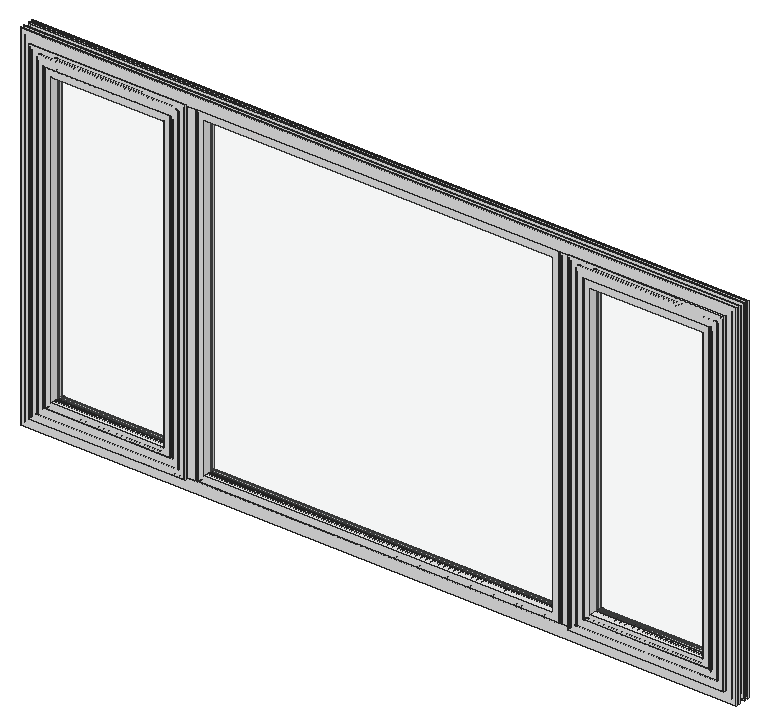
Revit family "Serene_T&T_Window_C_Standard", category Windows, host Wall, Revit 2014 (continued)
Definition of nested family "Serene_Fixed_Panel_C_Std"
  Definition of nested family "Serene_Bead_Square_12mm"
    Forms (mm)
      Sweep 1, solid, material <- "Profile Material"
        profile origin (300, 0, 0) x (0, 0, 1) y (0, -1, 0)
          loop
            arc (-3.659, -16.2) -> (-4.142, -16.571) -> (-3.909, -17.133) r 0.5
            line (-3.909, -17.133) -> (-1.876, -18.307) -> (-1.876, -17.4) -> (20.8, -17.4) -> (20.8, -23.4) -> (14.6, -23.4) -> (14.6, -27.5) -> (17, -27.5) -> (17, -26.3) -> (15.8, -26.3) -> (15.8, -24.6) -> (20.8, -24.6) -> (20.8, -26.3)
    Lines and regions (mm)
      model lines, style "GenericModel"
        curve 1: line (22, 0, 878) -> (0, 0, 900)
        curve 2: line (578, 0, 878) -> (600, 0, 900)
        curve 3: line (578, 0, 22) -> (600, 0, 0)
        curve 4: line (22, 0, 22) -> (0, 0, 0)
    Dimensions and locks
      "Width Bead": Sweep 1 sketch curve to Sweep 1 sketch curve
      "Height Bead": Sweep 1 sketch curve to Sweep 1 sketch curve
      aligned and locked: level to plane 2
    Automatic sketch dimensions
      profile plane to Sweep 1 sketch curve = 3.909 mm
      Sweep 1 sketch curve to Sweep 1 sketch curve = 0 mm  (x4)
      Sweep 1 sketch curve to Sweep 1 sketch curve = 0.25 mm  (x2)
      Sweep 1 sketch curve to Sweep 1 sketch curve = 1.783 mm  (x2)
      Sweep 1 sketch curve to Sweep 1 sketch curve = 1.876 mm
      Sweep 1 sketch curve to Sweep 1 sketch curve = 3.076 mm
      Sweep 1 sketch curve to Sweep 1 sketch curve = 0.2 mm  (x2)
      Sweep 1 sketch curve to Sweep 1 sketch curve = 1.2 mm  (x9)
      Sweep 1 sketch curve to Sweep 1 sketch curve = 16.476 mm
      Sweep 1 sketch curve to Sweep 1 sketch curve = 2.6 mm
      Sweep 1 sketch curve to plane 1 "Center (Front/Back)" = 27.5 mm
      Sweep 1 sketch curve to Sweep 1 sketch curve = 1.7 mm
      Sweep 1 sketch curve to Sweep 1 sketch curve = 5.093 mm
      Sweep 1 sketch curve to Sweep 1 sketch curve = 6 mm
      Sweep 1 sketch curve to Sweep 1 sketch curve = 0.267 mm
      Sweep 1 sketch curve to Sweep 1 sketch curve = 0.433 mm
      Sweep 1 sketch curve to Sweep 1 sketch curve = 10.8 mm
      Sweep 1 sketch curve to Sweep 1 sketch curve = 0.5 mm
      Sweep 1 sketch curve to Sweep 1 sketch curve = 0.907 mm
      Sweep 1 sketch curve to Sweep 1 sketch curve = 2.093 mm
      Sweep 1 sketch curve to Sweep 1 sketch curve = 15 mm
      curve 1 to Sweep 1 = 0 mm  (x4)
      curve 4 to Sweep 1 = 0 mm  (x3)
      Sweep 1 to curve 4 = 0 mm
      curve 3 to Sweep 1 = 0 mm  (x3)
      curve 2 to Sweep 1 = 0 mm  (x4)
      Sweep 1 to curve 3 = 0 mm
      Sweep 1 sketch curve to plane 3 "Center (Left/Right)" = 0 mm
      Sweep 1 sketch curve to level = 0 mm
  Definition of nested family "Serene_Bead_D_Glazing_Square"
    Parameters (values of type "Serene_Bead_D_Glazing_Square")
      Width Bead [instance] = 900 mm
      Profile Material [instance] = none
      Height Bead [instance] = 1320 mm
    Reference planes
      plane 1 "Center (Front/Back)": y = 0
      plane 2: z = 0
      plane 3 "Center (Left/Right)": x = 0
    Forms (mm)
      Sweep 1, solid, material <- "Profile Material"
        path origin (0, 0, 0) x (1, 0, 0) y (0, 0, 1)
          loop
            line (0, 0) -> (900, 0) -> (900, 1320) -> (0, 1320) -> (0, 0)
        profile origin (450, 0, 0) x (0, 0, 1) y (0, -1, 0)
          loop
            line (22, -16.5) -> (22, 0) -> (0, 0) -> (0, -1.2) -> (1.2, -1.2) -> (1.2, -4.2) -> (-1.876, -4.2) -> (-1.876, -3.293) -> (-3.909, -4.467)
            arc (-3.909, -4.467) -> (-4.142, -5.029) -> (-3.659, -5.4) r 0.5
            line (-3.659, -5.4) -> (1.4, -5.4)
            arc (1.4, -5.4) -> (2.107, -5.107) -> (2.4, -4.4) r 1
            line (2.4, -4.4) -> (2.4, -1.2) -> (20.8, -1.2) -> (20.8, -12.4) -> (14.6, -12.4) -> (0, -16.7) -> (-3.659, -16.7)
            arc (-3.659, -16.7) -> (-4.142, -17.071) -> (-3.909, -17.633) r 0.5
            line (-3.909, -17.633) -> (-1.876, -18.807) -> (-1.876, -17.9) -> (0.173, -17.9) -> (14.6, -13.651) -> (14.6, -16.5) -> (17, -16.5) -> (17, -15.3) -> (15.8, -15.3) -> (15.8, -13.6) -> (20.8, -13.6) -> (20.8, -15.3) -> (19.6, -15.3) -> (19.6, -16.5) -> (22, -16.5)
    Lines and regions (mm)
      model lines, style "GenericModel"
        curve 1: line (22, 0, 1298) -> (0, 0, 1298)
        curve 2: line (878, 0, 1298) -> (900, 0, 1298)
        curve 3: line (878, 0, 22) -> (900, 0, 22)
        curve 4: line (22, 0, 22) -> (0, 0, 22)
    Dimensions and locks
      "Width Bead": Sweep 1 sketch curve to Sweep 1 sketch curve
      "Height Bead": Sweep 1 sketch curve to Sweep 1 sketch curve
      aligned and locked: level to plane 2
    Automatic sketch dimensions
      profile plane to Sweep 1 sketch curve = 3.909 mm  (x2)
      Sweep 1 sketch curve to Sweep 1 sketch curve = 0.25 mm  (x2)
      Sweep 1 sketch curve to Sweep 1 sketch curve = 2.033 mm
      Sweep 1 sketch curve to Sweep 1 sketch curve = 1.783 mm
      Sweep 1 sketch curve to Sweep 1 sketch curve = 1.876 mm  (x2)
      Sweep 1 sketch curve to Sweep 1 sketch curve = 0.173 mm
      Sweep 1 sketch curve to Sweep 1 sketch curve = 1.2 mm  (x9)
      Sweep 1 sketch curve to Sweep 1 sketch curve = 0.2 mm
      Sweep 1 sketch curve to Sweep 1 sketch curve = 12.2 mm
      Sweep 1 sketch curve to Sweep 1 sketch curve = 0 mm  (x4)
      Sweep 1 sketch curve to Sweep 1 sketch curve = 2.6 mm
      Sweep 1 sketch curve to plane 1 "Center (Front/Back)" = 18.807 mm
      Sweep 1 sketch curve to Sweep 1 sketch curve = 0.907 mm  (x2)
      Sweep 1 sketch curve to Sweep 1 sketch curve = 0.267 mm
      Sweep 1 sketch curve to Sweep 1 sketch curve = 0.433 mm
      Sweep 1 sketch curve to plane 1 "Center (Front/Back)" = 16.5 mm
      Sweep 1 sketch curve to Sweep 1 sketch curve = 1.649 mm
      Sweep 1 sketch curve to Sweep 1 sketch curve = 1.7 mm
      Sweep 1 sketch curve to Sweep 1 sketch curve = 1.251 mm
      Sweep 1 sketch curve to Sweep 1 sketch curve = 11.3 mm
      Sweep 1 sketch curve to Sweep 1 sketch curve = 0.5 mm
      Sweep 1 sketch curve to Sweep 1 sketch curve = 0.7 mm
      Sweep 1 sketch curve to Sweep 1 sketch curve = 3 mm
      curve 1 to Sweep 1 = 0 mm  (x3)
      curve 4 to Sweep 1 = 0 mm  (x2)
      Sweep 1 to curve 4 = 0 mm
      curve 3 to Sweep 1 = 0 mm  (x2)
      curve 2 to Sweep 1 = 0 mm  (x2)
      Sweep 1 to curve 3 = 0 mm
      Sweep 1 to curve 2 = 0 mm
      Sweep 1 sketch curve to plane 3 "Center (Left/Right)" = 0 mm
      Sweep 1 sketch curve to level = 0 mm
  Definition of nested family "Serene_Single_Glazing_Fixed_C_Std"
    Parameters (values of type "Single_Glazing_Fixed")
      Glazing Width [instance] = 900 mm
      Glazing Height [instance] = 1500 mm
      Glazing Thickness SG [instance] = 4 mm
      Glazing Material [instance] = Glass
    Reference planes
      plane 1 "Center (Front/Back)": y = 0
      plane 2: z = 0
      plane 3 "Center (Left/Right)": x = 0
    Forms (mm)
      Extrusion 1, solid, material "Glass" <- "Glazing Material"
        sketch origin (0, 0, 0) x (1, 0, 0) y (0, 0, 1)
          loop
            line (0, 0) -> (0, 1500) -> (-900, 1500) -> (-900, 0) -> (0, 0)
        from 0 to 4 <- "Glazing Thickness SG"
    Dimensions and locks
      "Glazing Width": plane 3 "Center (Left/Right)" to Extrusion 1 sketch curve
      "Glazing Height": Extrusion 1 sketch curve to level
      aligned and locked: level to plane 2
      aligned and locked: Extrusion 1 sketch curve to plane 3 "Center (Left/Right)"
      aligned and locked: level to Extrusion 1 sketch curve
  Definition of nested family "Serene_Double_Glazing_Fixed_C_Std"
    Parameters (values of type "Double_Glazing_Fixed")
      Glazing Width [instance] = 600 mm
      Glazing Height [instance] = 600 mm
      Glazing Thickness DG [instance] = 4 mm
      Glazing Material [instance] = Glass
      Double Glazing Gasket Thickness [instance] = 12 mm
      Double Glazing Gasket Material [instance] = none
    Reference planes
      plane 1 "Center (Front/Back)": y = 0
      plane 2: z = 0
      plane 3 "Center (Left/Right)": x = 0
    Forms (mm)
      Extrusion 1, solid, material "Glass" <- "Glazing Material"
        sketch origin (0, 0, 0) x (1, 0, 0) y (0, 0, 1)
          loop
            line (0, 0) -> (0, 600) -> (-600, 600) -> (-600, 0) -> (0, 0)
        from 0 to 4 <- "Glazing Thickness DG"
      Extrusion 2, solid, material <- "Double Glazing Gasket Material"
        sketch origin (0, -4, 0) x (1, 0, 0) y (0, 0, 1)
          loop
            line (-600, 600) -> (-600, 0) -> (0, 0) -> (0, 600) -> (-600, 600)
          loop
            line (-592, 8) -> (-8, 8) -> (-8, 592) -> (-592, 592) -> (-592, 8)
        from 0 to 12 <- "Double Glazing Gasket Thickness"
      Extrusion 3, solid, material "Glass" <- "Glazing Material"
        sketch origin (0, -16, 0) x (1, 0, 0) y (0, 0, 1)
          loop
            line (-600, 600) -> (-600, 0) -> (0, 0) -> (0, 600) -> (-600, 600)
        from 0 to 4 <- "Glazing Thickness DG"
    Dimensions and locks
      "Glazing Width": plane 3 "Center (Left/Right)" to Extrusion 1 sketch curve
      "Glazing Height": Extrusion 1 sketch curve to level
      aligned and locked: level to plane 2
      aligned and locked: Extrusion 1 sketch curve to plane 3 "Center (Left/Right)"
      aligned and locked: level to Extrusion 1 sketch curve
      aligned and locked: Extrusion 2 sketch curve to Extrusion 1  (x4)
      aligned and locked: Extrusion 3 sketch curve to Extrusion 2  (x4)
    Automatic sketch dimensions
      Extrusion 2 sketch curve to Extrusion 1 = 8 mm  (x4)
Definition of nested family "Serene_Single_Glazing_Tilt_&_Turn_C_Std"
  Parameters (values of type "Single_Glazing_Tilt_&_Turn")
    Tilt [instance] = yes
    Right Hinged [instance] = yes
    Left Hinged [instance] = yes
    Half Width [instance] = Glazing Width / 2  # 450 mm
    Half Height [instance] = Glazing Height / 2  # 750 mm
    Glazing Width [instance] = 900 mm
    Glazing Height [instance] = 1500 mm
    Glazing Thickness SG [instance] = 4 mm
    Glazing Material [instance] = Glass
    Glazing Bead Gap = 21.8 mm  # constant formula
  Reference planes
    plane 1 "Center (Front/Back)": y = 0
    plane 2: z = 0
    plane 3 "Center (Left/Right)": x = 0
  Forms (mm)
    Extrusion 1, solid, material "Glass" <- "Glazing Material"
      sketch origin (0, 0, 0) x (1, 0, 0) y (0, 0, 1)
        loop
          line (0, 0) -> (0, 1500) -> (-900, 1500) -> (-900, 0) -> (0, 0)
      from 0 to 4 <- "Glazing Thickness SG"
  Lines and regions (mm)
    model lines, style "GenericModelHiddenLines", visible <- "Left Hinged"
      curve 1: line (-878.2, 0, 1478.2) -> (-21.8, 0, 750)
      curve 2: line (-21.8, 0, 750) -> (-878.2, 0, 21.8)
    model lines, style "GenericModelHiddenLines", visible <- "Right Hinged"
      curve 3: line (-21.8, 0, 1478.2) -> (-878.2, 0, 750)
      curve 4: line (-878.2, 0, 750) -> (-21.8, 0, 21.8)
    model lines, style "GenericModelHiddenLines", visible <- "Tilt"
      curve 5: line (-878.2, 0, 21.8) -> (-450, 0, 1478.2)
      curve 6: line (-450, 0, 1478.2) -> (-21.8, 0, 21.8)
  Dimensions and locks
    "Glazing Width": plane 3 "Center (Left/Right)" to Extrusion 1 sketch curve
    "Glazing Height": Extrusion 1 sketch curve to level
    "Glazing Bead Gap": curve 2 to Extrusion 1
    "Glazing Bead Gap": Extrusion 1 to curve 2  (x2)
    "Glazing Bead Gap": Extrusion 1 to curve 4  (x2)
    "Glazing Bead Gap": curve 4 to Extrusion 1
    "Glazing Bead Gap": Extrusion 1 to curve 3  (x2)
    "Glazing Bead Gap": Extrusion 1 to curve 1  (x2)
    "Half Height": curve 4 to Extrusion 1
    "Half Height": curve 2 to Extrusion 1
    "Glazing Bead Gap": Extrusion 1 to curve 6
    "Half Width": plane 3 "Center (Left/Right)" to curve 6
    aligned and locked: level to plane 2
    aligned and locked: Extrusion 1 sketch curve to plane 3 "Center (Left/Right)"
    aligned and locked: level to Extrusion 1 sketch curve
Definition of nested family "Serene_Single_Glazing_Fixed_C_Std"
  Parameters (values of type "Single_Glazing_Fixed")
    Glazing Width [instance] = 900 mm
    Glazing Height [instance] = 1500 mm
    Glazing Thickness SG [instance] = 4 mm
    Glazing Material [instance] = Glass
  Reference planes
    plane 1 "Center (Front/Back)": y = 0
    plane 2: z = 0
    plane 3 "Center (Left/Right)": x = 0
  Forms (mm)
    Extrusion 1, solid, material "Glass" <- "Glazing Material"
      sketch origin (0, 0, 0) x (1, 0, 0) y (0, 0, 1)
        loop
          line (0, 0) -> (0, 1500) -> (-900, 1500) -> (-900, 0) -> (0, 0)
      from 0 to 4 <- "Glazing Thickness SG"
  Dimensions and locks
    "Glazing Width": plane 3 "Center (Left/Right)" to Extrusion 1 sketch curve
    "Glazing Height": Extrusion 1 sketch curve to level
    aligned and locked: level to plane 2
    aligned and locked: Extrusion 1 sketch curve to plane 3 "Center (Left/Right)"
    aligned and locked: level to Extrusion 1 sketch curve
Types (12, lengths in mm): name | Windload Design | Width | Sash Height | Overall Width | Overall Height | Max Pane Area | Intruderprufe U Value | Intruderprufe SHGC Value | Intruderprufe LowE U Value | Intruderprufe LowE SHGC Value | Height Sash | Height | Fixed Panel Width | Fixed Panel Height | Energy Advantage U Value | Energy Advantage SHGC Value | Custom Window Width | Custom Window Height | Custom Windload | Length Mullion | Clearvue U Value | Clearvue SHGC Value | Clearvue Insulated U Value | Clearvue Insulated SHGC Value | Clearvue Insulated LowE U Value | Clearvue Insulated LowE SHGC Value | Area Glazing Sash | Area Glazing Fixed Panel
  52TT-1809SS-1000Pa | 1000 | 1790 | 822 | 1790 | 890 | 0.48064 m² | 6.23 | 0.486 | 4.63 | 0.431 | 822 | 890 | 610.8 | 810 | 5.45 | 0.471 | 1790 | 890 | 1000 | 810 | 6.34 | 0.525 | 4.43 | 0.464 | 3.99 | 0.424 | 0.304227 m² | 0.48064 m²
  52TT-1809SS-1500Pa | 1500 | 1790 | 822 | 1790 | 890 | 0.48064 m² | 6.23 | 0.486 | 4.63 | 0.431 | 822 | 890 | 610.8 | 810 | 5.45 | 0.471 | 1790 | 890 | 1500 | 810 | 6.34 | 0.525 | 4.43 | 0.464 | 3.99 | 0.424 | 0.304227 m² | 0.48064 m²
  52TT-1809SS-2000Pa | 2000 | 1790 | 822 | 1790 | 890 | 0.48064 m² | 6.23 | 0.486 | 4.63 | 0.431 | 822 | 890 | 610.8 | 810 | 5.45 | 0.471 | 1790 | 890 | 2000 | 810 | 6.34 | 0.525 | 4.43 | 0.464 | 3.99 | 0.424 | 0.304227 m² | 0.48064 m²
  52TT-2409SS-1000Pa | 1000 | 2390 | 822 | 1790 | 890 | 0.96064 m² | 6.12 | 0.534 | 4.55 | 0.473 | 822 | 890 | 1210.8 | 810 | 5.2 | 0.517 | 2390 | 890 | 1000 | 810 | 6.24 | 0.576 | 4.15 | 0.509 | 3.65 | 0.464 | 0.304227 m² | 0.96064 m²
  52TT-2409SS-1500Pa | 1500 | 2390 | 822 | 1790 | 890 | 0.96064 m² | 6.12 | 0.534 | 4.55 | 0.473 | 822 | 890 | 1210.8 | 810 | 5.2 | 0.517 | 2390 | 890 | 1500 | 810 | 6.24 | 0.576 | 4.15 | 0.509 | 3.65 | 0.464 | 0.304227 m² | 0.96064 m²
  52TT-2409SS-2000Pa | 2000 | 2390 | 822 | 1790 | 890 | 0.96064 m² | 6.12 | 0.534 | 4.55 | 0.473 | 822 | 890 | 1210.8 | 810 | 5.2 | 0.517 | 2390 | 890 | 2000 | 810 | 6.24 | 0.576 | 4.15 | 0.509 | 3.65 | 0.464 | 0.304227 m² | 0.96064 m²
  52TT-1812SS-1000Pa | 1000 | 1790 | 1122 | 1790 | 890 | 0.66088 m² | 6.16 | 0.513 | 4.58 | 0.455 | 822 | 1190 | 610.8 | 1110 | 5.31 | 0.497 | 1790 | 1190 | 1000 | 1110 | 6.28 | 0.553 | 4.27 | 0.4889 | 3.81 | 0.446 | 0.430707 m² | 0.66088 m²
  52TT-1812SS-1500Pa | 1500 | 1790 | 1122 | 1790 | 890 | 0.66088 m² | 6.16 | 0.513 | 4.58 | 0.455 | 822 | 1190 | 610.8 | 1110 | 5.31 | 0.497 | 1790 | 1190 | 1500 | 1110 | 6.28 | 0.553 | 4.27 | 0.4889 | 3.81 | 0.446 | 0.430707 m² | 0.66088 m²
  52TT-1812SS-2000Pa | 2000 | 1790 | 1122 | 1790 | 890 | 0.66088 m² | 6.16 | 0.513 | 4.58 | 0.455 | 822 | 1190 | 610.8 | 1110 | 5.31 | 0.497 | 1790 | 1190 | 2000 | 1110 | 6.28 | 0.553 | 4.27 | 0.4889 | 3.81 | 0.446 | 0.430707 m² | 0.66088 m²
  52TT-2412SS-1000Pa | 1000 | 2390 | 1122 | 1790 | 890 | 1.32088 m² | 6.16 | 0.513 | 4.58 | 0.455 | 822 | 1190 | 1210.8 | 1110 | 5.31 | 0.497 | 2390 | 1190 | 1000 | 1110 | 6.28 | 0.553 | 4.27 | 0.4889 | 3.81 | 0.446 | 0.430707 m² | 1.32088 m²
  52TT-2412SS-1500Pa | 1500 | 2390 | 1122 | 1790 | 890 | 1.32088 m² | 6.16 | 0.513 | 4.58 | 0.455 | 822 | 1190 | 1210.8 | 1110 | 5.31 | 0.497 | 2390 | 1190 | 1500 | 1110 | 6.28 | 0.553 | 4.27 | 0.4889 | 3.81 | 0.446 | 0.430707 m² | 1.32088 m²
  52TT-2412SS-2000Pa | 2000 | 2390 | 1122 | 2390 | 1190 | 1.32088 m² | 6.16 | 0.513 | 4.58 | 0.455 | 1122 | 1190 | 1210.8 | 1110 | 5.31 | 0.497 | 2390 | 1190 | 2000 | 1110 | 6.28 | 0.553 | 4.27 | 0.4889 | 3.81 | 0.446 | 0.430707 m² | 1.32088 m²
